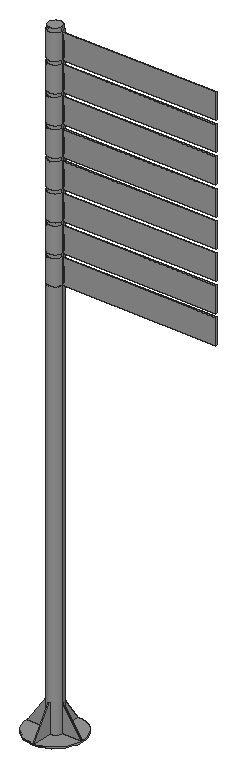
Revit family "11093 Указатель «Яуза» А 2.0 с табличками Хоббика", category Антураж, Revit 2018
Family settings
  На основе рабочей плоскости = Нет
  Всегда вертикально = Да
  При загрузке вырезать с полостями = Нет
  Источник визуального образа = Геометрия семейства
  Общий = Нет
  Точка расчета площади = Нет
Parameters (values of type "На 8 табличек")
  Ширина = 76 mm  # constant formula
  Число табличек = if([4 таблички], 600 mm, 1200 mm)  # 1200 mm
  Описание = if([4 таблички], "Указатель «Яуза» А 2.0 с табличками. Версия на 4 таблички", "Указатель «Яуза» А 2.0 с табличками. Версия на 8 табличек")  # "Указатель «Яуза» А 2.0 с табличками. Версия на 8 табличек"
  Материал изделия = "Сталь"  # constant formula
  Изображение типоразмера = Указатель «Яуза» А 2.0 с табличками Арт 11093.jpg
  Изготовитель = "ООО «Хоббика»"  # constant formula
  Длина = 876 mm  # constant formula
  Группа модели = "Стенды и указатели"  # constant formula
  Высота = 3290 mm  # constant formula
  Артикул товара = "Арт. 11093"  # constant formula
  URL = "https://hobbyka.ru/product/ukazatel_yauza_20_s_tablichkami"
  8 табличек = not([4 таблички])  # yes
  4 таблички = no
Types (3, lengths in mm): name | Число табличек | Описание | 8 табличек | 4 таблички
  (no name) | 1200 | "Указатель «Яуза» А 2.0 с табличками. Версия на 8 табличек" | yes | no
  На 4 таблички | 600 | "Указатель «Яуза» А 2.0 с табличками. Версия на 4 таблички" | no | yes
  На 8 табличек | 1200 | "Указатель «Яуза» А 2.0 с табличками. Версия на 8 табличек" | yes | no
Reference planes
  plane 1 "По центру (Вперед/Назад)": y = 0
  plane 2: z = 0
  plane 3 "По центру (Влево/Вправо)": x = 0
  plane 4: y = 76
  plane 5: x = 876
  plane 6: z = 3290
  plane 7: z = 2090
Forms (mm)
  Extrusion 1, solid, material "Сталь"
    sketch origin (0, 0, 0) x (1, 0, 0) y (0, 1, 0)
      loop
        circle (38, 38) r 38
    from 0 to 2090
  Extrusion 2, solid, material "Сталь"
    sketch origin (0, 0, 0) x (1, 0, 0) y (0, 1, 0)
      loop
        circle (38, 38) r 34
    from 2090 to 3290
  Extrusion 3, solid, material "Сталь"
    sketch origin (0, 0, 0) x (1, 0, 0) y (0, 1, 0)
      loop
        arc (75.947, 40) -> (37, 75.987) -> (0, 38) r 38
        arc (0, 38) -> (37, 0.013) -> (75.947, 36) r 38
        line (75.947, 36) -> (876, 36) -> (876, 40) -> (75.947, 40)
      loop
        circle (38, 38) r 34
    from 3140 to 3270
  Extrusion 4, solid, material "Сталь"
    sketch origin (0, 0, 0) x (1, 0, 0) y (0, 1, 0)
      loop
        arc (75.947, 40) -> (37, 75.987) -> (0, 38) r 38
        arc (0, 38) -> (37, 0.013) -> (75.947, 36) r 38
        line (75.947, 36) -> (876, 36) -> (876, 40) -> (75.947, 40)
      loop
        circle (38, 38) r 34
    from 2990 to 3120
  Extrusion 5, solid, material "Сталь"
    sketch origin (0, 0, 0) x (1, 0, 0) y (0, 1, 0)
      loop
        arc (75.947, 40) -> (37, 75.987) -> (0, 38) r 38
        arc (0, 38) -> (37, 0.013) -> (75.947, 36) r 38
        line (75.947, 36) -> (876, 36) -> (876, 40) -> (75.947, 40)
      loop
        circle (38, 38) r 34
    from 2840 to 2970
  Extrusion 6, solid, material "Сталь"
    sketch origin (0, 0, 0) x (1, 0, 0) y (0, 1, 0)
      loop
        arc (75.947, 40) -> (37, 75.987) -> (0, 38) r 38
        arc (0, 38) -> (37, 0.013) -> (75.947, 36) r 38
        line (75.947, 36) -> (876, 36) -> (876, 40) -> (75.947, 40)
      loop
        circle (38, 38) r 34
    from 2690 to 2820
  Extrusion 7, solid, material "Сталь", visible <- "8 табличек"
    sketch origin (0, 0, 0) x (1, 0, 0) y (0, 1, 0)
      loop
        arc (75.947, 40) -> (37, 75.987) -> (0, 38) r 38
        arc (0, 38) -> (37, 0.013) -> (75.947, 36) r 38
        line (75.947, 36) -> (876, 36) -> (876, 40) -> (75.947, 40)
      loop
        circle (38, 38) r 34
    from 2540 to 2670
  Extrusion 8, solid, material "Сталь", visible <- "8 табличек"
    sketch origin (0, 0, 0) x (1, 0, 0) y (0, 1, 0)
      loop
        arc (75.947, 40) -> (37, 75.987) -> (0, 38) r 38
        arc (0, 38) -> (37, 0.013) -> (75.947, 36) r 38
        line (75.947, 36) -> (876, 36) -> (876, 40) -> (75.947, 40)
      loop
        circle (38, 38) r 34
    from 2390 to 2520
  Extrusion 9, solid, material "Сталь", visible <- "8 табличек"
    sketch origin (0, 0, 0) x (1, 0, 0) y (0, 1, 0)
      loop
        arc (75.947, 40) -> (37, 75.987) -> (0, 38) r 38
        arc (0, 38) -> (37, 0.013) -> (75.947, 36) r 38
        line (75.947, 36) -> (876, 36) -> (876, 40) -> (75.947, 40)
      loop
        circle (38, 38) r 34
    from 2240 to 2370
  Extrusion 10, solid, material "Сталь", visible <- "8 табличек"
    sketch origin (0, 0, 0) x (1, 0, 0) y (0, 1, 0)
      loop
        arc (75.947, 40) -> (37, 75.987) -> (0, 38) r 38
        arc (0, 38) -> (37, 0.013) -> (75.947, 36) r 38
        line (75.947, 36) -> (876, 36) -> (876, 40) -> (75.947, 40)
      loop
        circle (38, 38) r 34
    from 2090 to 2220
  Extrusion 11, solid, material "Сталь"
    sketch origin (0, 0, 0) x (0, 1, 0) y (0, 0, 1)
      loop
        line (61, 0) -> (181.031, 0) -> (61, 171.422) -> (61, 0)
      loop
        line (15, 0) -> (15, 171.422) -> (-105.031, 0) -> (15, 0)
    from 35.5 to 40.5
  Extrusion 12, solid, material "Сталь"
    sketch origin (0, 76, 0) x (1, 0, 0) y (0, 0, 1)
      loop
        line (61, 0) -> (181.031, 0) -> (61, 171.422) -> (61, 0)
      loop
        line (15, 0) -> (15, 171.422) -> (-105.031, 0) -> (15, 0)
    from 35.5 to 40.5
  Extrusion 13, solid, material "Сталь"
    sketch origin (0, 0, 0) x (1, 0, 0) y (0, 1, 0)
      loop
        circle (38, 38) r 143.031
    from 0 to 5
Cuts and joins
  joined: Extrusion 1, Extrusion 12
Dimensions and locks
  "Длина": plane 5 to plane 3 "По центру (Влево/Вправо)"
  "Ширина": plane 4 to plane 1 "По центру (Вперед/Назад)"
  "Высота": plane 6 to plane 2
  "Число табличек": plane 6 to plane 7
  aligned and locked: level to plane 2
  aligned and locked: plane 7 to Extrusion 1
  aligned and locked: Extrusion 2 to plane 7
Automatic sketch dimensions
  plane 3 "По центру (Влево/Вправо)" to Extrusion 1 sketch curve = 38 mm
  Extrusion 1 sketch curve to plane 1 "По центру (Вперед/Назад)" = 38 mm
  plane 3 "По центру (Влево/Вправо)" to Extrusion 2 sketch curve = 38 mm
  Extrusion 2 sketch curve to plane 1 "По центру (Вперед/Назад)" = 38 mm
  Extrusion 3 sketch curve to Extrusion 3 sketch curve = 0 mm  (x13)
  Extrusion 3 sketch curve to plane 3 "По центру (Влево/Вправо)" = 0 mm
  Extrusion 3 sketch curve to plane 5 = 0 mm
  plane 3 "По центру (Влево/Вправо)" to Extrusion 3 sketch curve = 38 mm
  Extrusion 3 sketch curve to plane 4 = 36 mm
  Extrusion 3 sketch curve to Extrusion 3 sketch curve = 37.947 mm
  plane 3 "По центру (Влево/Вправо)" to Extrusion 3 sketch curve = 4 mm
  Extrusion 4 sketch curve to Extrusion 4 sketch curve = 0 mm  (x13)
  Extrusion 4 sketch curve to plane 3 "По центру (Влево/Вправо)" = 0 mm
  Extrusion 4 sketch curve to plane 5 = 0 mm
  plane 3 "По центру (Влево/Вправо)" to Extrusion 4 sketch curve = 38 mm
  Extrusion 4 sketch curve to plane 4 = 36 mm
  Extrusion 4 sketch curve to Extrusion 4 sketch curve = 37.947 mm
  plane 3 "По центру (Влево/Вправо)" to Extrusion 4 sketch curve = 4 mm
  Extrusion 5 sketch curve to Extrusion 5 sketch curve = 0 mm  (x13)
  Extrusion 5 sketch curve to plane 3 "По центру (Влево/Вправо)" = 0 mm
  Extrusion 5 sketch curve to plane 5 = 0 mm
  plane 3 "По центру (Влево/Вправо)" to Extrusion 5 sketch curve = 38 mm
  Extrusion 5 sketch curve to plane 4 = 36 mm
  Extrusion 5 sketch curve to Extrusion 5 sketch curve = 37.947 mm
  plane 3 "По центру (Влево/Вправо)" to Extrusion 5 sketch curve = 4 mm
  Extrusion 6 sketch curve to Extrusion 6 sketch curve = 0 mm  (x13)
  Extrusion 6 sketch curve to plane 3 "По центру (Влево/Вправо)" = 0 mm
  Extrusion 6 sketch curve to plane 5 = 0 mm
  plane 3 "По центру (Влево/Вправо)" to Extrusion 6 sketch curve = 38 mm
  Extrusion 6 sketch curve to plane 4 = 36 mm
  Extrusion 6 sketch curve to Extrusion 6 sketch curve = 37.947 mm
  plane 3 "По центру (Влево/Вправо)" to Extrusion 6 sketch curve = 4 mm
  Extrusion 7 sketch curve to Extrusion 7 sketch curve = 0 mm  (x13)
  Extrusion 7 sketch curve to plane 3 "По центру (Влево/Вправо)" = 0 mm
  Extrusion 7 sketch curve to plane 5 = 0 mm
  plane 3 "По центру (Влево/Вправо)" to Extrusion 7 sketch curve = 38 mm
  Extrusion 7 sketch curve to plane 4 = 36 mm
  Extrusion 7 sketch curve to Extrusion 7 sketch curve = 37.947 mm
  plane 3 "По центру (Влево/Вправо)" to Extrusion 7 sketch curve = 4 mm
  Extrusion 8 sketch curve to Extrusion 8 sketch curve = 0 mm  (x13)
  Extrusion 8 sketch curve to plane 3 "По центру (Влево/Вправо)" = 0 mm
  Extrusion 8 sketch curve to plane 5 = 0 mm
  plane 3 "По центру (Влево/Вправо)" to Extrusion 8 sketch curve = 38 mm
  Extrusion 8 sketch curve to plane 4 = 36 mm
  Extrusion 8 sketch curve to Extrusion 8 sketch curve = 37.947 mm
  plane 3 "По центру (Влево/Вправо)" to Extrusion 8 sketch curve = 4 mm
  Extrusion 9 sketch curve to Extrusion 9 sketch curve = 0 mm  (x13)
  Extrusion 9 sketch curve to plane 3 "По центру (Влево/Вправо)" = 0 mm
  Extrusion 9 sketch curve to plane 5 = 0 mm
  plane 3 "По центру (Влево/Вправо)" to Extrusion 9 sketch curve = 38 mm
  Extrusion 9 sketch curve to plane 4 = 36 mm
  Extrusion 9 sketch curve to Extrusion 9 sketch curve = 37.947 mm
  plane 3 "По центру (Влево/Вправо)" to Extrusion 9 sketch curve = 4 mm
  Extrusion 10 sketch curve to Extrusion 10 sketch curve = 0 mm  (x13)
  Extrusion 10 sketch curve to plane 3 "По центру (Влево/Вправо)" = 0 mm
  Extrusion 10 sketch curve to plane 5 = 0 mm
  plane 3 "По центру (Влево/Вправо)" to Extrusion 10 sketch curve = 38 mm
  Extrusion 10 sketch curve to plane 4 = 36 mm
  Extrusion 10 sketch curve to Extrusion 10 sketch curve = 37.947 mm
  plane 3 "По центру (Влево/Вправо)" to Extrusion 10 sketch curve = 4 mm
  Extrusion 11 sketch curve to level = 0 mm  (x2)
  Extrusion 11 sketch curve to plane 1 "По центру (Вперед/Назад)" = 15 mm
  Extrusion 11 sketch curve to plane 4 = 15 mm
  Extrusion 11 sketch curve to Extrusion 11 sketch curve = 120.031 mm  (x2)
  Extrusion 11 sketch curve to Extrusion 11 sketch curve = 171.422 mm
  Extrusion 11 sketch curve to Extrusion 11 sketch curve = 0 mm
  Extrusion 12 sketch curve to level = 0 mm  (x2)
  Extrusion 12 sketch curve to plane 3 "По центру (Влево/Вправо)" = 105.031 mm
  plane 3 "По центру (Влево/Вправо)" to Extrusion 12 sketch curve = 15 mm
  Extrusion 12 sketch curve to Extrusion 12 sketch curve = 46 mm
  Extrusion 12 sketch curve to Extrusion 12 sketch curve = 120.031 mm
  level to Extrusion 12 sketch curve = 171.422 mm
  Extrusion 12 sketch curve to Extrusion 12 sketch curve = 0 mm
  plane 3 "По центру (Влево/Вправо)" to Extrusion 13 sketch curve = 38 mm
  Extrusion 13 sketch curve to plane 1 "По центру (Вперед/Назад)" = 38 mm
  radius of Extrusion 1 sketch curve = 38 mm
  radius of Extrusion 2 sketch curve = 34 mm
  radius of Extrusion 13 sketch curve = 143.031 mm
